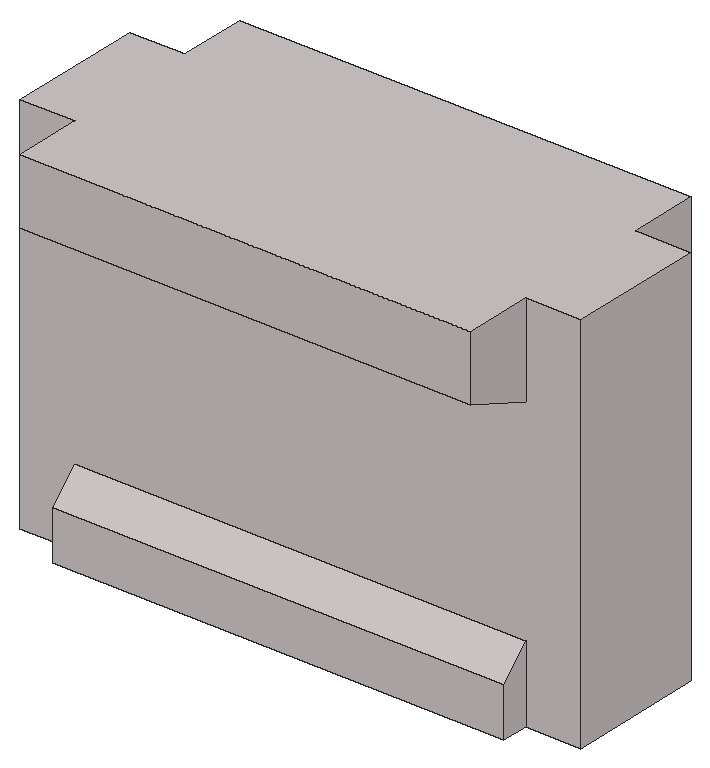
Revit family "M_Corte cruzado constante paralelo da viga mestra em I pré-moldada", category Quadro estrutural, Revit 2019
Family settings
  Exibir em vistas ocultas = Arestas ocultadas por outros membros
  Arredondamento do comprimento do framing estrutural = 0 mm
  Forma do corte = Não definido
  Material para o comportamento do modelo = Concreto pré-moldado
  Exportar sempre como geometria = Não
  Número OmniClass = 23.25.30.11.14.14
  Título OmniClass = Beams
  ID de item do Seek = Precast-Girder I-Parallel-Constant Cross Section-0000-CAN-ENU
  Sempre na vertical = Sim
  Corte com vazios quando carregada = Não
  Representação simbólica = Da família
  Compartilhado = Não
  Exibir o pré-corte da família na vista da planta = Sim
Parameters (values of type "700x250")
  Peso da vara de tirante [instance] = 30
  Vara de tirante W [instance] = (Peso da vara de tirante) * 9.80 kN / 1000  # 0.294 kN
  Structural Material [instance] = Concreto - Moldado in loco - 35 MPa
  Peso do vergalhão simples [instance] = 50
  Vergalhão em W simples [instance] = (Peso do vergalhão simples * 9.80 kN) / 1000  # 0.49 kN
  Peso das grades de vergalhão [instance] = 100
  Grades de vergalhão W [instance] = (Peso das grades de vergalhão * 9.80 kN) / 1000  # 0.98 kN
  Comprimento 1 = 100 mm
  D6 = 50 mm
  D5 = 90 mm
  D4 = 50 mm
  D3 = 120 mm
  B3 = 350 mm
  B1 = 250 mm
  Código de montagem = "B10"
  Length [instance] = 1524 mm
  B2 = 500 mm
  D1 = 700 mm
Types (3, lengths in mm): name | Comprimento 1 | D6 | D5 | B3 | B1 | D1
  (no name) | 100 | 50 | 90 | 350 | 250 | 700
  700x250 | 100 | 50 | 90 | 350 | 250 | 700
  900x200 | 150 | 30 | 100 | 300 | 200 | 900
Reference planes
  plane 1 "Centro (Frente/Trás)": y = 0
  plane 2: z = 0
  plane 3 "Centro (Esquerda/Direita)": x = 4.61
  plane 4 "Membro esquerdo": x = -506.19
  plane 5 "Membro direito": x = 516.61
  plane 6: y = 250
  plane 7: y = -250
  plane 8 "D1": z = 350
  plane 9 "Inferior": z = -350
  plane 10 "Esquerda": x = -757.39
  plane 11 "Direita": x = 766.61
  plane 12: y = 125
  plane 13: y = -125
  plane 14: x = -406.19
  plane 15: x = 416.61
  plane 16: x = 5.21
  plane 17: z = 230
  plane 18 "D2": z = 350
  plane 19 "D7": z = 350
  plane 20: z = 230
  plane 21: z = 180
  plane 22: z = 180
  plane 23: z = -260
  plane 24: z = -210
  plane 25: y = 175
  plane 26: y = -175
Forms (mm)
  Blend 1, solid, material "Concreto - Moldado in loco - 35 MPa" <- "Structural Material"
    base sketch origin (4.61, 0, 0) x (0, 1, 0) y (0, 0, 1)
      loop
        line (250, 350) -> (-250, 350) -> (-250, 230) -> (-125, 180) -> (-125, -350) -> (125, -350) -> (125, 180) -> (250, 230) -> (250, 350)
    top sketch origin (4.61, 0, 0) x (0, 1, 0) y (0, 0, 1)
      loop
        line (250, 350) -> (-250, 350) -> (-250, 230) -> (-125, 180) -> (-125, -350) -> (125, -350) -> (125, 180) -> (250, 230) -> (250, 350)
    from 0.6 to 412
  Blend 2, solid, material "Concreto - Moldado in loco - 35 MPa" <- "Structural Material"
    base sketch origin (429.51, 0, 0) x (0, 1, 0) y (0, 0, -1)
      loop
        line (250, -350) -> (250, -230) -> (125, -180) -> (125, 350) -> (-125, 350) -> (-125, -180) -> (-250, -230) -> (-250, -350) -> (250, -350)
    top sketch origin (429.51, 0, 0) x (0, 1, 0) y (0, 0, -1)
      loop
        line (250, -350) -> (250, -230) -> (125, -180) -> (125, 350) -> (-125, 350) -> (-125, -180) -> (-250, -230) -> (-250, -350) -> (250, -350)
    from 424.3 to 835.7
  Blend 3, solid, material "Concreto - Moldado in loco - 35 MPa" <- "Structural Material"
    base sketch origin (4.61, 0, 0) x (0, 1, 0) y (0, 0, 1)
      loop
        line (125, 350) -> (-125, 350) -> (-125, -350) -> (125, -350) -> (125, 350)
    top sketch origin (4.61, 0, 0) x (0, 1, 0) y (0, 0, 1)
      loop
        line (125, -350) -> (125, 350) -> (-125, 350) -> (-125, -350) -> (125, -350)
    from 412 to 512
  Blend 4, solid, material "Concreto - Moldado in loco - 35 MPa" <- "Structural Material"
    base sketch origin (429.51, 0, 0) x (0, 1, 0) y (0, 0, -1)
      loop
        line (125, -350) -> (125, 350) -> (-125, 350) -> (-125, -350) -> (125, -350)
    top sketch origin (429.51, 0, 0) x (0, 1, 0) y (0, 0, -1)
      loop
        line (125, 350) -> (-125, 350) -> (-125, -350) -> (125, -350) -> (125, 350)
    from 835.7 to 935.7
  Extrusion 5, solid, material "Concreto - Moldado in loco - 35 MPa" <- "Structural Material"
    sketch origin (4.61, 0, 0) x (0, 1, 0) y (0, 0, 1)
      loop
        line (175, -260) -> (125, -210) -> (-125, -210) -> (-175, -260) -> (-175, -350) -> (175, -350) -> (175, -260)
    from -410.8 to 412
Cuts and joins
  joined: Blend 1, Blend 2, Blend 3, Blend 4, Extrusion 5
Dimensions and locks
  "B2": plane 6 to plane 7
  equal spacing: plane 9 "Inferior", plane 2, plane 8 "D1"
  equal spacing: plane 6, plane 1 "Centro (Frente/Trás)", plane 7
  "D1": plane 9 "Inferior" to plane 8 "D1"
  "Length": plane 10 "Esquerda" to plane 11 "Direita"
  "B1": plane 12 to plane 13
  equal spacing: plane 12, plane 1 "Centro (Frente/Trás)", plane 13
  "D3": plane 8 "D1" to plane 17
  "D3": plane 20 to plane 19 "D7"
  level to Blend 2 sketch curve = 350 mm
  equal spacing: plane 14, plane 16, plane 15
  "D4": plane 17 to plane 21
  "D4": plane 20 to plane 22
  "D5": plane 23 to plane 9 "Inferior"
  "D6": plane 24 to plane 23
  equal spacing: plane 25, plane 1 "Centro (Frente/Trás)", plane 26
  "B3": plane 25 to plane 26
  "Comprimento 1": plane 4 "Membro esquerdo" to plane 14
  "Comprimento 1": plane 15 to plane 5 "Membro direito"
  aligned and locked: plane 8 "D1" to Blend 1 sketch curve
  aligned and locked: plane 7 to Blend 1 sketch curve  (x2)
  aligned and locked: Blend 1 sketch curve to plane 6  (x2)
  aligned and locked: plane 17 to Blend 1 sketch curve
  aligned and locked: Blend 1 to plane 16
  aligned and locked: plane 7 to Blend 2 sketch curve  (x2)
  aligned and locked: plane 8 "D1" to Blend 2 sketch curve
  aligned and locked: Blend 2 sketch curve to plane 6  (x2)
  aligned and locked: plane 16 to Blend 2
  aligned and locked: Blend 3 sketch curve to var sketch
  aligned and locked: Blend 3 sketch curve to plane 13
  aligned and locked: plane 12 to Blend 3 sketch curve
  aligned and locked: Blend 3 sketch curve to plane 12
  aligned and locked: plane 13 to Blend 3 sketch curve
  aligned and locked: Blend 4 sketch curve to plane 13
  aligned and locked: Blend 4 sketch curve to plane 12
  aligned and locked: plane 13 to Blend 4 sketch curve
  aligned and locked: plane 9 "Inferior" to Blend 4 sketch curve
  aligned and locked: Blend 4 sketch curve to plane 9 "Inferior"
  aligned and locked: plane 12 to Blend 4 sketch curve
  aligned and locked: plane 9 "Inferior" to Blend 3 sketch curve
  aligned and locked: Blend 2 to plane 14
  aligned and locked: plane 18 "D2" to Blend 4 sketch curve
  aligned and locked: plane 18 "D2" to Blend 3 sketch curve
  aligned and locked: plane 19 "D7" to Blend 1 sketch curve
  aligned and locked: Blend 1 to plane 15
  aligned and locked: plane 19 "D7" to Blend 4 sketch curve
  aligned and locked: plane 14 to Blend 4
  aligned and locked: Blend 2 sketch curve to cut or joined group of Blend 1, Blend 2, Blend 3, Blend 4, Extrusion 5
  aligned and locked: Blend 2 sketch curve to plane 9 "Inferior"
  aligned and locked: plane 12 to Blend 2 sketch curve
  aligned and locked: plane 21 to Blend 2 sketch curve  (x2)
  aligned and locked: Blend 2 sketch curve to var sketch
  aligned and locked: Blend 3 sketch curve to plane 19 "D7"
  aligned and locked: plane 15 to Blend 3
  aligned and locked: Blend 1 sketch curve to cut or joined group of Blend 1, Blend 2, Blend 3, Blend 4, Extrusion 5
  aligned and locked: cut or joined group of Blend 1, Blend 2, Blend 3, Blend 4, Extrusion 5 to Blend 1 sketch curve
  aligned and locked: Blend 1 sketch curve to var sketch
  aligned and locked: var sketch to Blend 1 sketch curve
  aligned and locked: plane 23 to Extrusion 5 sketch curve
  aligned and locked: plane 25 to Extrusion 5 sketch curve
  aligned and locked: Extrusion 5 sketch curve to plane 9 "Inferior"
  aligned and locked: plane 26 to Extrusion 5 sketch curve
  aligned and locked: Extrusion 5 sketch curve to plane 24
  aligned and locked: Extrusion 5 to plane 15
  aligned and locked: Extrusion 5 to plane 14
  aligned and locked: plane 8 "D1" to plane 19 "D7"
  aligned and locked: plane 18 "D2" to plane 8 "D1"
  aligned and locked: plane 2 to level
  aligned and locked: plane 4 "Membro esquerdo" to Blend 4
  aligned and locked: Blend 3 to plane 5 "Membro direito"
Automatic sketch dimensions
  Blend 2 sketch curve to plane 17 = 0 mm  (x2)
  Blend 2 sketch curve to plane 12 = 0 mm
  Blend 2 sketch curve to plane 19 "D7" = 0 mm
  Blend 2 sketch curve to plane 20 = 0 mm  (x2)
  Blend 2 sketch curve to plane 13 = 0 mm
  Blend 2 sketch curve to plane 22 = 0 mm  (x2)
  Blend 1 sketch curve to plane 17 = 0 mm
  Blend 1 sketch curve to plane 12 = 0 mm  (x2)
  Blend 1 sketch curve to plane 21 = 0 mm  (x2)
  Blend 1 sketch curve to plane 20 = 0 mm  (x2)
  Blend 1 sketch curve to plane 22 = 0 mm  (x2)
  Extrusion 5 sketch curve to plane 13 = 0 mm
  Extrusion 5 sketch curve to plane 12 = 0 mm
  Extrusion 5 sketch curve to plane 23 = 0 mm
